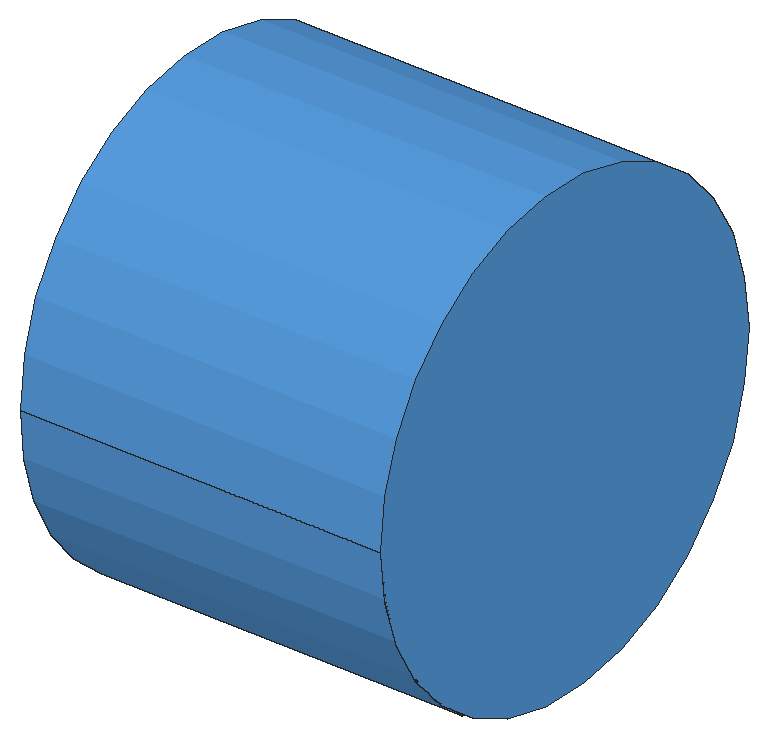
Revit family "BMP_PPR_Cap", category Pipe Fittings, Revit 2024
Family settings
  Round Connector Dimension = Use Diameter
  Part Type = Cap
  Work Plane-Based = No
  Always vertical = No
  Cut with Voids When Loaded = No
  Shared = No
Parameters (values of type "20 mm")
  Default Elevation = 0 mm
  BMP_Zero_mm = 0 mm  # constant formula
  BMP_Z_mm = 8 mm
  BMP_Z2_mm = 0 mm
  BMP_Start_mm = -BMP_L_mm  # -22 mm
  BMP_Parametric_Revision = "2.0"
  BMP_PN_bar = 20
  BMP_Manufacturer = "Binh Minh Plastics - independent catalogue-based BIM"
  BMP_L_mm = 22 mm
  BMP_H_mm = 22 mm
  BMP_H2_mm = 0 mm
  BMP_Geometry_Note = "Native parametric simplified fitting; editable type dimensions in millimeters."
  BMP_D_mm = 28 mm
  BMP_DN_mm = 20 mm
  BMP_DN2_mm = 20 mm
  BMP_D2_mm = 28 mm
  BMP_Catalogue_PDF_Page = "103"
  BMP_Bore_mm = 20 mm
  BMP_Bore_Start_mm = -BMP_L_mm  # -22 mm
  BMP_Bore_End_mm = -BMP_Z_mm  # -8 mm
  BMP_Bore2_mm = 20 mm
Types (6, lengths in mm): name | BMP_Z_mm | BMP_Start_mm | BMP_L_mm | BMP_H_mm | BMP_D_mm | BMP_DN_mm | BMP_DN2_mm | BMP_D2_mm | BMP_Bore_mm | BMP_Bore_Start_mm | BMP_Bore_End_mm | BMP_Bore2_mm
  20 mm | 8 | -22 | 22 | 22 | 28 | 20 | 20 | 28 | 20 | -22 | -8 | 20
  25 mm | 10 | -26 | 26 | 26 | 35 | 25 | 25 | 35 | 25 | -26 | -10 | 25
  32 mm | 12 | -30 | 30 | 30 | 43 | 32 | 32 | 43 | 32 | -30 | -12 | 32
  40 mm | 15 | -35 | 35 | 35 | 52 | 40 | 40 | 52 | 40 | -35 | -15 | 40
  50 mm | 19 | -43 | 43 | 43 | 64 | 50 | 50 | 64 | 50 | -43 | -19 | 50
  63 mm | 25 | -53 | 53 | 53 | 82 | 63 | 63 | 82 | 63 | -53 | -25 | 63
Reference planes
  plane 1 "Center (Front/Back)": y = 0
  plane 2: z = 0
  plane 3 "Center (Left/Right)": x = 0
Forms (mm)
  Extrusion 1, solid, material "BMP_PPR"
    sketch origin (0, 0, 0) x (0, 1, 0) y (0, 0, 1)
      loop
        circle (0, 0) r 14
    from -22 <- "BMP_Start_mm" to 0 <- "BMP_Zero_mm"
  Extrusion 2, void
    sketch origin (0, 0, 0) x (0, 1, 0) y (0, 0, 1)
      loop
        circle (0, 0) r 10
    from -22 <- "BMP_Bore_Start_mm" to -8 <- "BMP_Bore_End_mm"
Cuts and joins
  Extrusion 2 cuts Extrusion 1
Lines and regions (mm)
  reference lines, not visible
    curve 1: line (0, 3000, 0) -> (0, -3000, 0)
    curve 2: line (0, 0, 3000) -> (0, 0, -3000)
    curve 3: line (0, -3000, 0) -> (0, 3000, 0)
    curve 4: line (0, 0, -3000) -> (0, 0, 3000)
Dimensions and locks
  "BMP_D_mm": diameter of Extrusion 1 sketch curve  (x2)
  "BMP_Bore_mm": diameter of Extrusion 2 sketch curve  (x2)
  aligned and locked: level to plane 2
  aligned and locked: curve 1 to Extrusion 1 sketch curve
  aligned and locked: curve 2 to Extrusion 1 sketch curve
  aligned and locked: curve 3 to Extrusion 2 sketch curve
  aligned and locked: curve 4 to Extrusion 2 sketch curve
Automatic sketch dimensions
  curve 1 to level = 0 mm
  plane 1 "Center (Front/Back)" to curve 1 = 3000 mm
  curve 1 to plane 1 "Center (Front/Back)" = 3000 mm
  curve 2 to plane 1 "Center (Front/Back)" = 0 mm
  curve 2 to level = 3000 mm
  level to curve 2 = 3000 mm
  curve 3 to level = 0 mm
  curve 3 to curve 1 = 0 mm  (x2)
  curve 4 to plane 1 "Center (Front/Back)" = 0 mm
  curve 4 to curve 2 = 0 mm  (x2)
Connectors
  piping at (-22, 0, 0), diameter 20, driven by "BMP_DN_mm"
    settings: on cut or joined group of Extrusion 1, Extrusion 2, index 1, connector inside diameter 609.6 mm, connector length 0 mm, flow factor 0, pipe flow 0.0 L/s, pressure drop 0.0 Pa, fitting loss kfactor 0, connector angle 0.00°, fixture units 0, engagement length 0 mm, angle of deflection 0.00°, flow configuration 0, flow direction 0, fitting loss method 0, system type 28, joint type 0, gender type 0, connector reference index -1, connector utility 0, adjustable connector no, is connector primary yes, connector description ""
